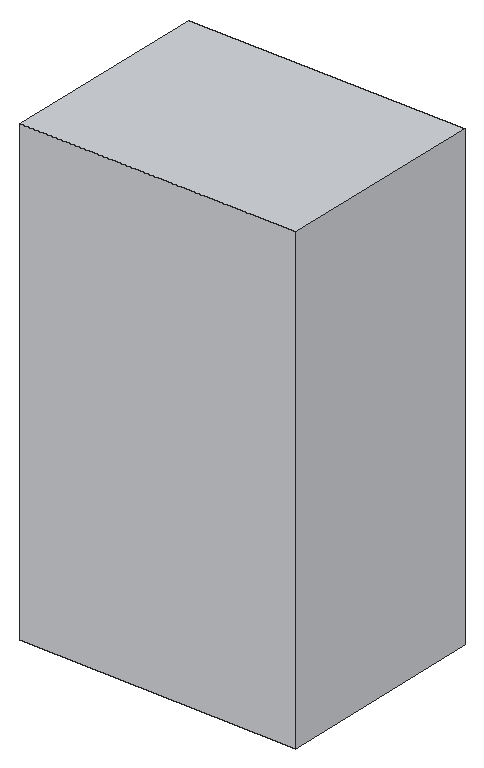
Revit family
Parameters
  Warranty Duration (Years) = 0
  Unit Width [instance] = 1' - 4"
  Unit Height [instance] = 0' - 9 99/256"
  Unit Depth = 0' - 0"
  URL = "http://www.americanspecialties.com/viewCategories.cfm"
  Trim Material = Metal - Stainless Steel
  Test Data = ""
  Specification = "http://www.arcat.com/sdspecs/htm/10810asi.htm"
  SpecWizard = ""
  Send Message = "http://www.arcat.com/users.pl?action=UserEmail&company=American%20Specialties,%20Inc.&coid=30448&rep=139&fax=914-476-0688&mf="
  Sales Information = "http://www.americanspecialties.com/contact"
  Revision = "R1_10-2010"
  Rod [instance] = 1' - 1 3/4"
  Product Properties = "http://www.americanspecialties.com/datasheets/8205.pdf"
  Product Data = "http://www.arcat.com/arcatcos/cos30/arc30448.html"
  Model = "As Specified in 10 28 13"
  Manufacturer Website = "http://www.americanspecialties.com/viewCategories.cfm"
  Manufacturer Phone - Toll Free = ""
  Manufacturer Phone = "914-476-9000 "
  Manufacturer Fax = "914-476-0688"
  Manufacturer Address = "441 Saw Mill River Rd., Yonkers, NY 10701"
  Manufacturer = "American Specialties, Inc."
  Maintenance Schedule (Months) = 0
  Keynote = "10 28 13"
  Installation-Fabrication = "http://www.americanspecialties.com/products.cfm"
  Green Building-LEED = ""
  Expected Lifespan (Years) = 0
  Drawn By = "Robert S. Weygant. CSI, CDT, SCIP"  # constant formula
  Description = "Toilet Accessory as Specified in 10 28 13"
  Default Elevation = 4' - 0"
  Copyright = "©Arcat Inc."
  Construction Details = "http://www.arcat.com/green/clients/leed_data_30448.html"
  Building Codes = "http://www.americanspecialties.com/products.cfm"
  Body Material = Leather 2
  Assembly Code = "C1030210"
Reference planes (in)
  plane 1 "Center (Front/Back)": y = -0.29112
  plane 2 "Floor Line": z = 0
  plane 3 "Center (Left/Right)": x = -0.65843
  plane 4: z = 52.69336
  plane 5: x = -8.65843
  plane 6: x = 7.34157
  plane 7: z = 48
  plane 8: z = 57.38672
Forms (in)
  Extrusion 1, solid
    sketch origin (-3, -9, -6) x (0, 0, -1) y (1, 0, 0)
      loop
        line (-82, 26) -> (-82, -19.34712) -> (-6, -19.34712) -> (-6, 26) -> (-82, 26)
    from 9 to -25.60721
  Sweep 2, solid, material "Metal - Stainless Steel" <- "Trim Material"
    path origin (-5.64758, -3.1206, 4.13023) x (1, 0, 0) y (0, -0.5, -0.866025)
      loop
        line (-3.01085, 0) -> (-3.01085, 2.57066)
        arc (-3.01085, 2.57066) -> (-2.59221, 3.58136) -> (-1.58151, 4) r 1.42934
        line (-1.58151, 4) -> (11.79761, 4)
        arc (11.79761, 4) -> (12.64016, 3.651) -> (12.98915, 2.80846) r 1.19154
        line (12.98915, 2.80846) -> (12.98915, 0)
    profile origin (-8.65843, -3.76327, 3.0171) x (-1, 0, 0) y (0, 0.866025, -0.5)
      loop
        circle (0, 0) r 0.5
  Extrusion 3, solid, material "Metal - Stainless Steel" <- "Trim Material"
    sketch origin (39.96841, -4.89511, 5.50069) x (0, 0, -1) y (0, 1, 0)
      loop
        circle (-8.74931, 11.69648) r 0.5
    from -25.62684 to -55.62684
  Extrusion 4, solid, material "Metal - Stainless Steel" <- "Trim Material"
    sketch origin (-2.15843, 10.13464, -5.81661) x (0, 1, 0) y (0, 0, 1)
      loop
        line (-8.53943, 7.19161) -> (-15.41443, 7.19161)
        arc (-15.41443, 7.19161) -> (-15.76799, 7.04516) -> (-15.91443, 6.69161) r 0.5
        line (-15.91443, 6.69161) -> (-15.91443, 6.06661) -> (-16.41443, 6.06661) -> (-16.41443, 5.94161) -> (-15.78943, 5.94161) -> (-15.78943, 6.69161)
        arc (-15.78943, 6.69161) -> (-15.6796, 6.95677) -> (-15.41443, 7.06661) r 0.375
        line (-15.41443, 7.06661) -> (-8.53943, 7.06661)
        arc (-8.53943, 7.06661) -> (-8.27427, 6.95677) -> (-8.16443, 6.69161) r 0.375
        line (-8.16443, 6.69161) -> (-8.16443, 5.94161) -> (-7.53943, 5.94161) -> (-7.53943, 6.06661) -> (-8.03943, 6.06661) -> (-8.03943, 6.69161)
        arc (-8.03943, 6.69161) -> (-8.18588, 7.04516) -> (-8.53943, 7.19161) r 0.5
    from 0 to 3
  Extrusion 5, solid, material "Metal - Stainless Steel" <- "Trim Material"
    sketch origin (-0.65843, 0, -0.06661) x (0, 1, 0) y (0, 0, 1)
      loop
        line (2.59521, 0.19161) -> (-6.27979, 0.19161) -> (-6.27979, 0.06661) -> (2.59521, 0.06661) -> (2.59521, 0.19161)
    from -1.5 to 1.5
  Sweep 6, solid, material "Metal - Stainless Steel" <- "Trim Material"
    path origin (-0.65843, -0.20055, 0) x (0, 1, 0) y (0, 0, 1)
      loop
        line (6.93958, 3.12719) -> (4.53957, 3.12719)
        arc (4.53957, 3.12719) -> (3.83246, 2.8343) -> (3.53957, 2.12719) r 1
        line (3.53957, 2.12719) -> (3.53957, 0.125)
    profile origin (-0.65843, 5.53903, 3.12719) x (0, 0, -1) y (1, 0, 0)
      loop
        circle (0, -9.75) r 0.5
  Extrusion 7, solid, material "Metal - Stainless Steel" <- "Trim Material"
    sketch origin (0.23502, -0.29667, 0) x (1, 0, 0) y (0, 1, 0)
      loop
        circle (-10.63841, 3.66053) r 1.13038
      loop
        circle (-10.63636, 2.77254) r 0.125
      loop
        circle (-9.87041, 4.1063) r 0.125
      loop
        circle (-11.40641, 4.1063) r 0.125
    from 0 to 0.125
  Sweep 8, solid, material "Metal - Stainless Steel" <- "Trim Material"
    path origin (-4.65843, -5.12677, 4.66778) x (0, 0, -1) y (0, -1, 0)
      loop
        line (0.53755, -2.00616) -> (-3.33278, -4.24069)
        arc (-3.33278, -4.24069) -> (-4.14475, -4.82505) -> (-4.82414, -5.55934) r 5
        line (-4.82414, -5.55934) -> (-9.59645, -11.88449)
    profile origin (-4.65843, -2.00334, 6.06539) x (0, 0.866025, -0.5) y (-1, 0, 0)
      loop
        circle (0, 4) r 0.5
  Extrusion 9, solid, material "Metal - Stainless Steel" <- "Trim Material"
    sketch origin (-1.5448, -0.29667, 0) x (-1, 0, 0) y (0, -1, 0)
      loop
        circle (-10.63841, -3.66053) r 1.13038
      loop
        circle (-10.63636, -2.77254) r 0.125
      loop
        circle (-9.87041, -4.1063) r 0.125
      loop
        circle (-11.40641, -4.1063) r 0.125
    from 0 to 0.125
  Sweep 10, solid, material "Metal - Stainless Steel" <- "Trim Material"
    path origin (-1.84593, -0.20055, 0) x (0, 1, 0) y (0, 0, -1)
      loop
        line (6.93958, -3.12719) -> (4.53957, -3.12719)
        arc (4.53957, -3.12719) -> (3.83246, -2.8343) -> (3.53957, -2.12719) r 1
        line (3.53957, -2.12719) -> (3.53957, -0.125)
    profile origin (-1.84593, 5.53903, 3.12719) x (0, 0, 1) y (-1, 0, 0)
      loop
        circle (0, -10.9375) r 0.5
  Sweep 11, solid, material "Metal - Stainless Steel" <- "Trim Material"
    path origin (3.34157, -5.12677, 4.66778) x (0, 0, -1) y (0, 1, 0)
      loop
        line (0.53755, 2.00616) -> (-3.33278, 4.24069)
        arc (-3.33278, 4.24069) -> (-4.14475, 4.82505) -> (-4.82414, 5.55934) r 5
        line (-4.82414, 5.55934) -> (-9.59645, 11.88449)
    profile origin (3.34157, -2.00334, 6.06539) x (0, -0.866025, 0.5) y (1, 0, 0)
      loop
        circle (0, 4) r 0.5
  Extrusion 12, solid, material "Metal - Stainless Steel" <- "Trim Material"
    sketch origin (39.96841, -4.89511, 11.87431) x (0, 0, 1) y (0, -1, 0)
      loop
        circle (-8.74931, -11.69648) r 0.5
    from -25.62684 to -55.62684
  Extrusion 13, solid, material "Metal - Stainless Steel" <- "Trim Material"
    sketch origin (-7.18862, -5.29864, 5.68346) x (-1, 0, 0) y (0, 0, 1)
      loop
        line (-21.53018, -3.49596) -> (-20.28018, -3.49596) -> (-20.28018, 9.50404) -> (-21.53018, 9.50404) -> (-21.53018, -3.49596)
    from 11.3463 to 12.6
  Extrusion 14, solid, material "Metal - Stainless Steel" <- "Trim Material"
    sketch origin (5.87175, -5.29864, 5.68346) x (1, 0, 0) y (0, 0, -1)
      loop
        line (-21.53018, 3.49596) -> (-21.53018, -16.50404) -> (-20.28018, -16.50404) -> (-20.28018, 3.49596) -> (-21.53018, 3.49596)
    from 11.3463 to 12.6
  Extrusion 15, solid, material "Metal - Stainless Steel" <- "Trim Material"
    sketch origin (-26.6047, -5.29864, 5.68346) x (-1, 0, 0) y (0, 0, 1)
      loop
        line (-21.53018, -3.49596) -> (-20.28018, -3.49596) -> (-20.28018, 16.50404) -> (-21.53018, 16.50404) -> (-21.53018, -3.49596)
    from 11.3463 to 12.6
  Sweep 16, void
    path origin (202.268, -0.29112, -21.84981) x (-1, 0, 0) y (0, 0, 1)
      loop
        arc (219.17366, 42.70868) -> (218.58787, 44.12289) -> (217.17366, 44.70868) r 2
        line (217.17366, 44.70868) -> (207.58974, 44.70868)
        arc (207.58974, 44.70868) -> (206.06222, 43.99967) -> (205.61771, 42.37535) r 2
        arc (205.61771, 42.37535) -> (204.72871, 39.12669) -> (201.67366, 37.70868) r 4
        line (201.67366, 37.70868) -> (188.17366, 37.70868)
        arc (188.17366, 37.70868) -> (186.75945, 37.12289) -> (186.17366, 35.70868) r 2
        line (186.17366, 35.70868) -> (186.17366, 25.20868)
        arc (186.17366, 25.20868) -> (186.75945, 23.79447) -> (188.17366, 23.20868) r 2
        line (188.17366, 23.20868) -> (217.17366, 23.20868)
        arc (217.17366, 23.20868) -> (218.58787, 23.79447) -> (219.17366, 25.20868) r 2
        line (219.17366, 25.20868) -> (219.17366, 42.70868)
    profile origin (-16.90566, -0.29112, 12.10887) x (0, -1, 0) y (1, 0, 0)
      loop
        line (-8.98168, 0) -> (-7.60668, -0.50104) -> (-7.60668, 0.07863)
        arc (-7.60668, 0.07863) -> (-8.41348, 0.08187) -> (-8.98168, 0.65466) r 1.05415
        line (-8.98168, 0.65466) -> (-8.98168, 0)
  Extrusion 17, solid, material "Leather 2" <- "Body Material"
    sketch origin (169.95073, 7.55136, 28.96401) x (-1, 0, 0) y (0, 0, -1)
      loop
        line (186.85639, 8.10514) -> (186.85639, 25.60514)
        arc (186.85639, 25.60514) -> (186.2706, 27.01935) -> (184.85639, 27.60514) r 2
        line (184.85639, 27.60514) -> (155.85639, 27.60514)
        arc (155.85639, 27.60514) -> (154.44218, 27.01935) -> (153.85639, 25.60514) r 2
        line (153.85639, 25.60514) -> (153.85639, 15.10514)
        arc (153.85639, 15.10514) -> (154.44218, 13.69092) -> (155.85639, 13.10514) r 2
        line (155.85639, 13.10514) -> (169.35639, 13.10514)
        arc (169.35639, 13.10514) -> (172.41144, 11.68713) -> (173.30044, 8.43847) r 4
        arc (173.30044, 8.43847) -> (173.74494, 6.81414) -> (175.27247, 6.10514) r 2
        line (175.27247, 6.10514) -> (184.85639, 6.10514)
        arc (184.85639, 6.10514) -> (186.2706, 6.69092) -> (186.85639, 8.10514) r 2
    from -1.1392 to 0.2358
Cuts and joins
  joined: Sweep 2, Sweep 8, Sweep 11
  joined: Sweep 6, Extrusion 7
  Sweep 16 cuts Extrusion 17
Dimensions and locks (in)
  equal spacing: plane 8, plane 4, plane 7
  equal spacing: plane 6, plane 3 "Center (Left/Right)", plane 5
  "Unit Width": plane 6 to plane 5
  "Unit Height": plane 8 to plane 7
  "Default Elevation": plane 7 to plane 2 "Floor Line"
  Sweep 2 sketch curve to Sweep 2 sketch curve = 1' - 4"
  "Unit Width": Sweep 2 sketch curve to Sweep 2 sketch curve
  Extrusion 4 sketch curve to Extrusion 4 sketch curve = 0' - 1 1/8"
  Extrusion 4 sketch curve to Extrusion 4 sketch curve = 0' - 0 1/8"
  Extrusion 17 sketch curve to Extrusion 17 sketch curve = 1' - 9 1/2"
  locked: Extrusion 17 sketch curve to Extrusion 17 sketch curve at 14.5
  locked: Extrusion 17 sketch curve to Extrusion 17 sketch curve at 33
  locked: Extrusion 17 sketch curve to Extrusion 17 sketch curve at 7
  radius of Sweep 2 sketch curve = 0' - 1.42934"
  radius of Sweep 2 sketch curve = 0' - 1.19154"
  radius of Extrusion 17 sketch curve = 0' - 2"  (x5)
  aligned and locked: Extrusion 1 to level
  aligned and locked: plane 5 to Sweep 2 sketch curve
  aligned and locked: Extrusion 5 to Extrusion 4
  aligned and locked: Extrusion 4 sketch curve to Extrusion 5
Automatic sketch dimensions
  Extrusion 1 sketch curve to Extrusion 1 sketch curve = 6' - 4"
  Extrusion 1 sketch curve to Extrusion 1 sketch curve = 3' - 9.34712"
  Sweep 2 sketch curve to Sweep 2 sketch curve = 0' - 0"
  Sweep 2 sketch curve to Sweep 2 sketch curve = 0' - 2.57066"
  Sweep 2 sketch curve to profile plane = 0' - 0"  (x2)
  Extrusion 3 sketch curve to plane 1 "Center (Front/Back)" = 0' - 7.09248"
  level to Extrusion 3 sketch curve = 1' - 2 1/4"
  Extrusion 4 sketch curve to Extrusion 4 sketch curve = 0' - 0"  (x4)
  level to Extrusion 4 sketch curve = 0' - 0 1/4"
  plane 1 "Center (Front/Back)" to Extrusion 4 sketch curve = 0' - 5.98868"
  Extrusion 4 sketch curve to Extrusion 4 sketch curve = 0' - 0 1/2"  (x2)
  Extrusion 4 sketch curve to Extrusion 4 sketch curve = 0' - 0 1/8"  (x2)
  Extrusion 4 sketch curve to Extrusion 4 sketch curve = 0' - 0 3/8"  (x2)
  Extrusion 4 sketch curve to plane 1 "Center (Front/Back)" = 0' - 1.88632"
  level to Extrusion 4 sketch curve = 0' - 0 1/8"
  Extrusion 5 sketch curve to level = 0' - 0"
  level to Extrusion 5 sketch curve = 0' - 0 1/8"
  plane 1 "Center (Front/Back)" to Extrusion 5 sketch curve = 0' - 5.98868"
  Extrusion 5 sketch curve to plane 1 "Center (Front/Back)" = 0' - 2.88632"
  level to Sweep 6 sketch curve = 0' - 0 1/8"
  Sweep 6 sketch curve to plane 1 "Center (Front/Back)" = 0' - 3.63014"
  Sweep 6 sketch curve to Sweep 6 sketch curve = 0' - 1"
  Sweep 6 sketch curve to Sweep 6 sketch curve = 0' - 2.40001"
  Sweep 6 sketch curve to Sweep 6 sketch curve = 0' - 2.00219"
  Sweep 6 sketch curve to profile plane = 0' - 0"
  Sweep 6 sketch curve to plane 3 "Center (Left/Right)" = 0' - 9 3/4"
  Extrusion 7 sketch curve to plane 5 = 0' - 2.51295"
  Extrusion 7 sketch curve to Extrusion 7 sketch curve = 0' - 0.768"  (x2)
  Extrusion 7 sketch curve to Extrusion 7 sketch curve = 0' - 0.00205"
  Extrusion 7 sketch curve to plane 1 "Center (Front/Back)" = 0' - 2.76699"
  Extrusion 7 sketch curve to Extrusion 7 sketch curve = 0' - 0.88799"
  Extrusion 7 sketch curve to Extrusion 7 sketch curve = 0' - 0.44577"  (x2)
  Sweep 8 sketch curve to plane 1 "Center (Front/Back)" = 0' - 7.04884"
  level to Sweep 8 sketch curve = 1' - 2.26423"
  Sweep 8 sketch curve to plane 1 "Center (Front/Back)" = 0' - 0.7237"
  Sweep 8 sketch curve to Sweep 8 sketch curve = 0' - 4.77231"
  plane 1 "Center (Front/Back)" to Sweep 8 sketch curve = 0' - 0.59495"
  Sweep 8 sketch curve to Sweep 8 sketch curve = 0' - 1.49137"
  Sweep 8 sketch curve to plane 1 "Center (Front/Back)" = 0' - 3.73517"
  level to Sweep 8 sketch curve = 0' - 4.13023"
  plane 1 "Center (Front/Back)" to Sweep 8 sketch curve = 0' - 2.82949"
  Sweep 8 sketch curve to profile plane = 0' - 0"
  profile plane to Sweep 8 sketch curve = 0' - 4"
  Extrusion 9 sketch curve to plane 6 = 0' - 2.52004"
  Extrusion 9 sketch curve to Extrusion 9 sketch curve = 0' - 0.768"  (x2)
  Extrusion 9 sketch curve to Extrusion 9 sketch curve = 0' - 0.00205"
  plane 1 "Center (Front/Back)" to Extrusion 9 sketch curve = 0' - 2.76699"
  Extrusion 9 sketch curve to Extrusion 9 sketch curve = 0' - 0.88799"
  Extrusion 9 sketch curve to Extrusion 9 sketch curve = 0' - 0.44577"  (x2)
  level to Sweep 10 sketch curve = 0' - 0 1/8"
  Sweep 10 sketch curve to plane 1 "Center (Front/Back)" = 0' - 3.63014"
  Sweep 10 sketch curve to Sweep 10 sketch curve = 0' - 1"
  Sweep 10 sketch curve to Sweep 10 sketch curve = 0' - 2.40001"
  Sweep 10 sketch curve to Sweep 10 sketch curve = 0' - 2.00219"
  Sweep 10 sketch curve to profile plane = 0' - 0"
  Sweep 10 sketch curve to profile plane = 0' - 10 15/16"
  Sweep 11 sketch curve to plane 1 "Center (Front/Back)" = 0' - 7.04884"
  level to Sweep 11 sketch curve = 1' - 2.26423"
  Sweep 11 sketch curve to plane 1 "Center (Front/Back)" = 0' - 0.7237"
  Sweep 11 sketch curve to Sweep 11 sketch curve = 0' - 4.77231"
  plane 1 "Center (Front/Back)" to Sweep 11 sketch curve = 0' - 0.59495"
  Sweep 11 sketch curve to Sweep 11 sketch curve = 0' - 1.49137"
  Sweep 11 sketch curve to plane 1 "Center (Front/Back)" = 0' - 3.73517"
  level to Sweep 11 sketch curve = 0' - 4.13023"
  plane 1 "Center (Front/Back)" to Sweep 11 sketch curve = 0' - 2.82949"
  Sweep 11 sketch curve to profile plane = 0' - 0"
  profile plane to Sweep 11 sketch curve = 0' - 4"
  level to Extrusion 12 sketch curve = 0' - 3 1/8"
  Extrusion 12 sketch curve to plane 1 "Center (Front/Back)" = 0' - 7.09248"
  plane 6 to Extrusion 13 sketch curve = 0' - 7"
  Extrusion 13 sketch curve to Extrusion 13 sketch curve = 0' - 1 1/4"
  level to Extrusion 13 sketch curve = 0' - 2 3/16"
  Extrusion 13 sketch curve to Extrusion 13 sketch curve = 1' - 1"
  Extrusion 14 sketch curve to plane 5 = 0' - 7"
  Extrusion 14 sketch curve to Extrusion 14 sketch curve = 0' - 1 1/4"
  level to Extrusion 14 sketch curve = 0' - 2 3/16"
  plane 5 to Extrusion 15 sketch curve = 0' - 3.58392"
  Extrusion 15 sketch curve to Extrusion 15 sketch curve = 0' - 1 1/4"
  level to Extrusion 15 sketch curve = 0' - 2 3/16"
  plane 7 to Sweep 16 sketch curve = 2' - 10.14113"
  Sweep 16 sketch curve to plane 6 = 0' - 8.75278"
  Sweep 16 sketch curve to Sweep 16 sketch curve = 0' - 2"  (x2)
  plane 7 to Sweep 16 sketch curve = 2' - 8.14113"
  plane 4 to Sweep 16 sketch curve = 2' - 8.83449"
  Sweep 16 sketch curve to Sweep 16 sketch curve = 1' - 1 1/2"
  Sweep 16 sketch curve to Sweep 16 sketch curve = 0' - 3.94405"
  Sweep 16 sketch curve to Sweep 16 sketch curve = 0' - 0"  (x2)
  plane 4 to Sweep 16 sketch curve = 2' - 7.83449"
  Sweep 16 sketch curve to Sweep 16 sketch curve = 0' - 9.58392"
  Sweep 16 sketch curve to profile plane = 0' - 0"
  Sweep 16 sketch curve to profile plane = 0' - 0.65466"
  Sweep 16 sketch curve to plane 1 "Center (Front/Back)" = 0' - 8.98168"
  Sweep 16 sketch curve to Sweep 16 sketch curve = 0' - 0.97552"
  profile plane to Sweep 16 sketch curve = 0' - 0.50104"
  Sweep 16 sketch curve to Sweep 16 sketch curve = 0' - 1 3/8"
  Sweep 16 sketch curve to profile plane = 0' - 0.07863"
  level to Extrusion 17 sketch curve = 1' - 1.85887"
  plane 6 to Extrusion 17 sketch curve = 0' - 8.75278"
  level to Extrusion 17 sketch curve = 1' - 7.85887"
  Extrusion 17 sketch curve to Extrusion 17 sketch curve = 1' - 1 1/2"
  level to Extrusion 17 sketch curve = 1' - 8.52554"
  Extrusion 14 sketch curve to Extrusion 14 sketch curve = 1' - 8"
  Extrusion 15 sketch curve to Extrusion 15 sketch curve = 1' - 8"
  plane 7 to Sweep 16 sketch curve = 3' - 8.64113"
  radius of Sweep 2 sketch curve = 0' - 0 1/2"
  radius of Extrusion 3 sketch curve = 0' - 0 1/2"
  radius of Sweep 6 sketch curve = 0' - 0 1/2"
  radius of Extrusion 7 sketch curve = 0' - 1.13038"
  radius of Extrusion 7 sketch curve = 0' - 0 1/8"  (x3)
  radius of Sweep 8 sketch curve = 0' - 0 1/2"
  radius of Extrusion 9 sketch curve = 0' - 1.13038"
  radius of Extrusion 9 sketch curve = 0' - 0 1/8"  (x3)
  radius of Sweep 10 sketch curve = 0' - 0 1/2"
  radius of Sweep 11 sketch curve = 0' - 0 1/2"
  radius of Extrusion 12 sketch curve = 0' - 0 1/2"
